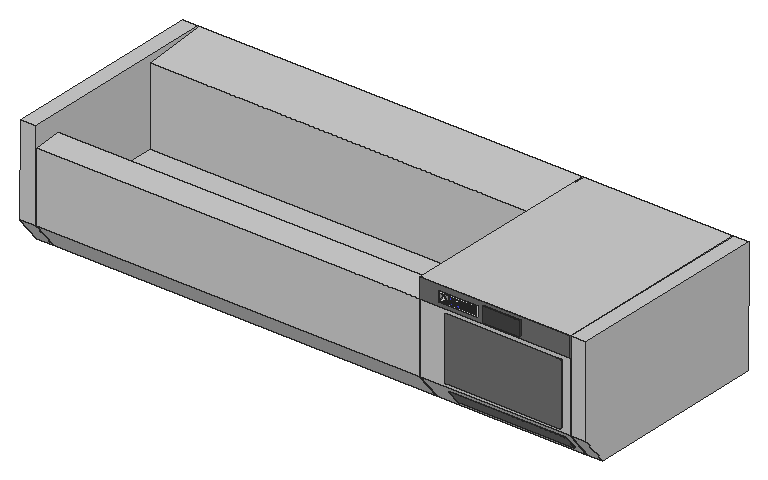
Revit family "Qf_Afinox_VRS1100S", category Specialty Equipment, Revit 2014
Parameters
  Show Logo [instance] = yes
  Show Clearance [instance] = yes
Reference planes
  plane 1 "Back": y = 0
  plane 2: z = 0
  plane 3 "Left": x = 0
  plane 4 "Right": x = 1100
  plane 5 "Front": y = -395
  plane 6 "Top": z = 225
Forms (mm)
  Extrusion 1, solid
    sketch origin (0, 0, 0) x (0, 1, 0) y (0, 0, 1)
      loop
        line (0, 225) -> (-118.091, 213.424) -> (-118.091, 63.424) -> (-342.706, 63.424) -> (-342.706, 191.405) -> (-395, 186.278) -> (-395, 50) -> (-354.511, 0) -> (0, 0) -> (0, 225)
    from 30 to 778
  Extrusion 2, solid
    sketch origin (0, 0, 0) x (0, 1, 0) y (0, 0, 1)
      loop
        line (0, 225) -> (-395, 225) -> (-395, 50) -> (-354.511, 0) -> (0, 0) -> (0, 225)
    from 0 to 30
  Extrusion 3, solid
    sketch origin (1070, 0, 0) x (0, 1, 0) y (0, 0, 1)
      loop
        line (0, 225) -> (-395, 225) -> (-395, 50) -> (-354.511, 0) -> (0, 0) -> (0, 225)
    from 0 to 30
  Extrusion 4, solid
    sketch origin (1040, 0, 0) x (0, 1, 0) y (0, 0, 1)
      loop
        line (0, 225) -> (-395, 225) -> (-395, 50) -> (-354.511, 0) -> (0, 0) -> (0, 225)
    from -262 to 30
  Extrusion 5, solid
    sketch origin (0, -394, -0.038) x (1, 0, 0) y (0, 0, 1)
      loop
        arc (829.65, 178.011) -> (827.352, 177.059) -> (826.4, 174.761) r 3.25
        line (826.4, 174.761) -> (826.4, 59.261)
        arc (826.4, 59.261) -> (827.352, 56.963) -> (829.65, 56.011) r 3.25
        line (829.65, 56.011) -> (1050.15, 56.011)
        arc (1050.15, 56.011) -> (1052.448, 56.963) -> (1053.4, 59.261) r 3.25
        line (1053.4, 59.261) -> (1053.4, 174.761)
        arc (1053.4, 174.761) -> (1052.448, 177.059) -> (1050.15, 178.011) r 3.25
        line (1050.15, 178.011) -> (829.65, 178.011)
    from 0 to 2
  Extrusion 6, solid
    sketch origin (0, -273.564, -98.372) x (1, 0, 0) y (0, -0.62932, 0.777146)
      loop
        arc (829.65, 178.011) -> (827.352, 177.059) -> (826.4, 174.761) r 3.25
        line (826.4, 174.761) -> (826.4, 141.843)
        arc (826.4, 141.843) -> (827.352, 139.544) -> (829.65, 138.593) r 3.25
        line (829.65, 138.593) -> (1050.15, 138.593)
        arc (1050.15, 138.593) -> (1052.448, 139.544) -> (1053.4, 141.843) r 3.25
        line (1053.4, 141.843) -> (1053.4, 174.761)
        arc (1053.4, 174.761) -> (1052.448, 177.059) -> (1050.15, 178.011) r 3.25
        line (1050.15, 178.011) -> (829.65, 178.011)
    from 0 to 2
  Extrusion 7, solid
    sketch origin (-7.665, -397, -1.215) x (1, 0, 0) y (0, 0, 1)
      loop
        line (912.065, 221.354) -> (912.065, 192.354) -> (983.065, 192.354) -> (983.065, 221.354) -> (912.065, 221.354)
    from 0 to 3
  Extrusion 8, solid, visible <- "Show Logo"
    sketch origin (637.556, -397, -384.108) x (1, 0, 0) y (0, 0, 1)
      loop
        line (179.287, 599.596) -> (179.287, 579.899) -> (254.287, 579.899) -> (254.287, 599.596) -> (179.287, 599.596)
      loop
        line (199.226, 597.323) -> (199.226, 582.172) -> (253.014, 582.172) -> (253.014, 597.323) -> (199.226, 597.323)
      loop
        line (180.287, 597.323) -> (180.287, 582.172) -> (198.848, 582.172) -> (198.848, 597.323) -> (180.287, 597.323)
    from 0 to 2
  Extrusion 9, solid, visible <- "Show Logo"
    sketch origin (-155.47, -397, -622.718) x (1, 0, 0) y (0, 0, 1)
      loop
        arc (994.034, 825.04) -> (994.842, 823.416) -> (996.479, 824.198) r 1.293
        line (996.479, 824.198) -> (996.958, 825.22) -> (1000.192, 825.22) -> (1000.6, 824.198)
        arc (1000.6, 824.198) -> (1002.252, 823.366) -> (1003.039, 825.04) r 1.291
        line (1003.039, 825.04) -> (999.801, 832.415)
        arc (999.801, 832.415) -> (998.57, 833.402) -> (997.337, 832.418) r 1.263
        line (997.337, 832.418) -> (994.034, 825.04)
      loop
        line (999.576, 827.427) -> (998.603, 829.738) -> (997.631, 827.445) -> (999.576, 827.427)
      loop
        line (1004.344, 832.421) -> (1004.344, 824.556)
        arc (1004.344, 824.556) -> (1005.631, 823.448) -> (1006.918, 824.556) r 1.302
        line (1006.918, 824.556) -> (1006.918, 827.178) -> (1010.126, 827.178)
        arc (1010.126, 827.178) -> (1011.3, 828.493) -> (1010.126, 829.808) r 1.323
        line (1010.126, 829.808) -> (1006.918, 829.808) -> (1006.918, 830.954) -> (1010.126, 830.954)
        arc (1010.126, 830.954) -> (1011.264, 832.233) -> (1010.126, 833.511) r 1.287
        line (1010.126, 833.511) -> (1005.326, 833.511)
        arc (1005.326, 833.511) -> (1004.652, 833.13) -> (1004.344, 832.421) r 1.22
      loop
        line (1012.593, 832.457) -> (1012.593, 824.488)
        arc (1012.593, 824.488) -> (1013.928, 823.343) -> (1015.262, 824.488) r 1.35
        line (1015.262, 824.488) -> (1015.262, 832.457)
        arc (1015.262, 832.457) -> (1013.928, 833.516) -> (1012.593, 832.457) r 1.37
      loop
        arc (1019.372, 832.457) -> (1018.038, 833.516) -> (1016.703, 832.457) r 1.37
        line (1016.703, 832.457) -> (1016.703, 824.488)
        arc (1016.703, 824.488) -> (1018.038, 823.343) -> (1019.372, 824.488) r 1.35
        line (1019.372, 824.488) -> (1019.372, 828.473) -> (1022.448, 824.488)
        arc (1022.448, 824.488) -> (1023.783, 823.343) -> (1025.118, 824.488) r 1.35
        line (1025.118, 824.488) -> (1025.118, 832.457)
        arc (1025.118, 832.457) -> (1023.783, 833.516) -> (1022.448, 832.457) r 1.37
        line (1022.448, 832.457) -> (1022.448, 828.473) -> (1019.372, 832.457)
      loop
        circle (1031.159, 828.429) r 5.095
      loop
        circle (1031.159, 828.429) r 2.733
      loop
        line (1036.425, 831.5) -> (1038.763, 828.375) -> (1036.365, 825.267)
        arc (1036.365, 825.267) -> (1036.712, 823.621) -> (1038.393, 823.703) r 1.296
        line (1038.393, 823.703) -> (1040.42, 826.313) -> (1042.28, 823.703)
        arc (1042.28, 823.703) -> (1043.993, 823.58) -> (1044.434, 825.238) r 1.346
        line (1044.434, 825.238) -> (1042.048, 828.408) -> (1044.37, 831.408)
        arc (1044.37, 831.408) -> (1044.07, 833.196) -> (1042.269, 832.987) r 1.316
        line (1042.269, 832.987) -> (1040.366, 830.453) -> (1038.502, 833.054)
        arc (1038.502, 833.054) -> (1036.78, 833.19) -> (1036.425, 831.5) r 1.308
      loop
        line (1046.04, 835.933) -> (992.253, 835.933) -> (992.253, 820.782) -> (1046.04, 820.782) -> (1046.04, 835.933)
    from 0 to 2
  Extrusion 10, solid, visible <- "Show Logo"
    sketch origin (-162.598, -397, -442.664) x (1, 0, 0) y (0, 0, 1)
      loop
        line (980.441, 655.879) -> (980.441, 640.728) -> (999.001, 640.728) -> (999.001, 655.879) -> (980.441, 655.879)
      loop
        arc (982.146, 642.435) -> (982.404, 641.667) -> (983.211, 641.586) r 0.747
        line (983.211, 641.586) -> (989.781, 644.576) -> (996.334, 641.6)
        arc (996.334, 641.6) -> (997.088, 641.702) -> (997.296, 642.435) r 0.695
        line (997.296, 642.435) -> (990.231, 654.688)
        arc (990.231, 654.688) -> (989.721, 654.992) -> (989.211, 654.688) r 0.58
        line (989.211, 654.688) -> (982.146, 642.435)
    from 0 to 2
  Extrusion 11, solid, visible <- "Show Logo"
    sketch origin (-196.886, -397, -392.26) x (1, 0, 0) y (0, 0, 1)
      loop
        arc (1016.435, 592.031) -> (1016.693, 591.262) -> (1017.5, 591.182) r 0.747
        line (1017.5, 591.182) -> (1024.07, 594.172) -> (1030.623, 591.195)
        arc (1030.623, 591.195) -> (1031.377, 591.298) -> (1031.584, 592.031) r 0.695
        line (1031.584, 592.031) -> (1024.52, 604.283)
        arc (1024.52, 604.283) -> (1024.01, 604.588) -> (1023.5, 604.283) r 0.58
        line (1023.5, 604.283) -> (1016.435, 592.031)
      loop
        arc (1035.45, 594.582) -> (1036.258, 592.958) -> (1037.895, 593.739) r 1.293
        line (1037.895, 593.739) -> (1038.374, 594.762) -> (1041.608, 594.762) -> (1042.016, 593.739)
        arc (1042.016, 593.739) -> (1043.668, 592.908) -> (1044.455, 594.582) r 1.291
        line (1044.455, 594.582) -> (1041.218, 601.957)
        arc (1041.218, 601.957) -> (1039.986, 602.943) -> (1038.753, 601.959) r 1.263
        line (1038.753, 601.959) -> (1035.45, 594.582)
      loop
        line (1040.992, 596.969) -> (1040.02, 599.279) -> (1039.047, 596.987) -> (1040.992, 596.969)
      loop
        arc (1045.76, 594.097) -> (1047.047, 592.99) -> (1048.334, 594.097) r 1.302
        line (1048.334, 594.097) -> (1048.334, 596.72) -> (1051.542, 596.72)
        arc (1051.542, 596.72) -> (1052.716, 598.035) -> (1051.542, 599.35) r 1.323
        line (1051.542, 599.35) -> (1048.334, 599.35) -> (1048.334, 600.496) -> (1051.542, 600.496)
        arc (1051.542, 600.496) -> (1052.681, 601.774) -> (1051.542, 603.052) r 1.287
        line (1051.542, 603.052) -> (1046.742, 603.052)
        arc (1046.742, 603.052) -> (1046.069, 602.672) -> (1045.76, 601.962) r 1.22
        line (1045.76, 601.962) -> (1045.76, 594.097)
      loop
        arc (1054.01, 594.029) -> (1055.344, 592.884) -> (1056.679, 594.029) r 1.35
        line (1056.679, 594.029) -> (1056.679, 601.999)
        arc (1056.679, 601.999) -> (1055.344, 603.058) -> (1054.01, 601.999) r 1.37
        line (1054.01, 601.999) -> (1054.01, 594.029)
      loop
        arc (1058.12, 594.029) -> (1059.454, 592.884) -> (1060.789, 594.029) r 1.35
        line (1060.789, 594.029) -> (1060.789, 598.014) -> (1063.865, 594.029)
        arc (1063.865, 594.029) -> (1065.199, 592.884) -> (1066.534, 594.029) r 1.35
        line (1066.534, 594.029) -> (1066.534, 601.999)
        arc (1066.534, 601.999) -> (1065.199, 603.058) -> (1063.865, 601.999) r 1.37
        line (1063.865, 601.999) -> (1063.865, 598.014) -> (1060.789, 601.999)
        arc (1060.789, 601.999) -> (1059.454, 603.058) -> (1058.12, 601.999) r 1.37
        line (1058.12, 601.999) -> (1058.12, 594.029)
      loop
        circle (1072.575, 597.971) r 5.095
      loop
        circle (1072.575, 597.971) r 2.733
      loop
        line (1080.18, 597.917) -> (1077.782, 594.809)
        arc (1077.782, 594.809) -> (1078.129, 593.163) -> (1079.809, 593.245) r 1.296
        line (1079.809, 593.245) -> (1081.836, 595.854) -> (1083.697, 593.245)
        arc (1083.697, 593.245) -> (1085.409, 593.121) -> (1085.851, 594.78) r 1.346
        line (1085.851, 594.78) -> (1083.464, 597.949) -> (1085.787, 600.95)
        arc (1085.787, 600.95) -> (1085.486, 602.737) -> (1083.686, 602.528) r 1.316
        line (1083.686, 602.528) -> (1081.782, 599.994) -> (1079.918, 602.596)
        arc (1079.918, 602.596) -> (1078.197, 602.731) -> (1077.841, 601.041) r 1.308
        line (1077.841, 601.041) -> (1080.18, 597.917)
    from 0 to 2
  Extrusion 12, solid
    sketch origin (-134.065, -395, 3.646) x (1, 0, 0) y (0, 0, 1)
      loop
        line (912.065, 221.354) -> (912.065, 182.633) -> (1204.065, 182.633) -> (1204.065, 221.354) -> (912.065, 221.354)
    from 0 to 2
  Extrusion 13, solid
    sketch origin (0, -6.8, 0) x (1, 0, 0) y (0, 0, 1)
      loop
        circle (1050, 20) r 5
    from -17.6 to -6.8
  Extrusion 14, solid
    sketch origin (0, 0, 0) x (1, 0, 0) y (0, 0, 1)
      loop
        line (30, 13) -> (1070, 13) -> (1070, 186) -> (30, 186) -> (30, 13)
      loop
        circle (1050, 20) r 5
    from -10.8 to 0
Lines and regions (mm)
  symbolic lines, style "200-EquipBorder-2D"
    curve 1: line (0, 0, 0) -> (1100, 0, 0)
    curve 2: line (0, -395, 0) -> (0, 0, 0)
    curve 3: line (1100, -395, 0) -> (0, -395, 0)
    curve 4: line (1100, 0, 0) -> (1100, -395, 0)
    curve 10: line (30, 0, 0) -> (30, 10.8, 0)
    curve 11: line (30, 10.8, 0) -> (1070, 10.8, 0)
    curve 12: line (1070, 10.8, 0) -> (1070, 0, 0)
  symbolic lines, style "200-EquipInternal-2D"
    curve 5: line (30, 0, 0) -> (30, -395, 0)
    curve 6: line (778, 0, 0) -> (778, -395, 0)
    curve 7: line (1070, 0, 0) -> (1070, -395, 0)
    curve 8: line (778, -342.706, 0) -> (30, -342.706, 0)
    curve 9: line (30, -118.091, 0) -> (778, -118.091, 0)
Dimensions and locks
  plane 3 "Left" to plane 4 "Right" = 1100 mm
  plane 5 "Front" to plane 1 "Back" = 395 mm
  plane 6 "Top" to level = 225 mm
  aligned and locked: level to plane 2
Connectors
  electrical at (1050, 10.8, 20)
    settings: on Extrusion 13, index 1, voltage 0 V, apparent load 0 VA, apparent load phase1 0 VA, apparent load phase2 0 VA, apparent load phase3 0 VA, power factor 1, load classification "Other", number of poles 1, system type 31, power factor state 1, is connector primary yes, connector utility no, sub classification motor no, connector description "Electrical connection"
